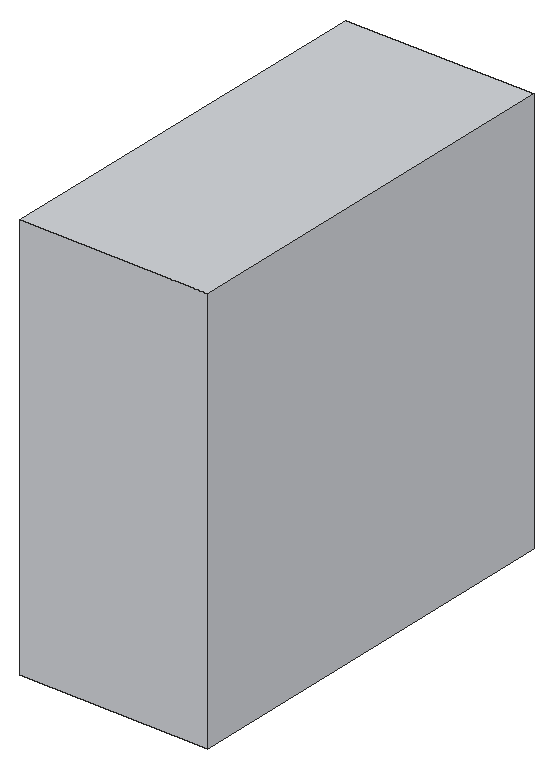
Revit family "Fire Damper Type A - Rectangular", category Duct Accessories, Revit 2017
Family settings
  Round Connector Dimension = Use Diameter
  Part Type = Damper
  OmniClass Number = 23.60.70.11.11
  OmniClass Title = Fire Dampers
  Work Plane-Based = No
  Always vertical = Yes
  Cut with Voids When Loaded = No
  Shared = No
Parameters (values of type "Design to Fab")
  Width 1 [instance] = if(and(Duct Width < 4' 0", Duct Height < 4' 0"), 0' 0 1/2", if(or(Duct Width > 8' 0", Duct Height > 8' 0"), 0' 1 1/2", 0' 1"))  # 0' - 0 1/2"
  Symbol Width [instance] = Damper Width * 2  # 2' - 2"
  Symbol Radius [instance] = Damper Length * 0.2  # 0' - 1.2"
  Pressure Drop [instance] = 4.00 in-wg
  Half Symbol Width [instance] = Symbol Width / 2  # 1' - 1"
  Half Duct Width [instance] = 1 / 2 * Duct Width  # 0' - 6"
  Half Damper Width [instance] = Damper Width / 2  # 0' - 6 1/2"
  Half Damper Length = Damper Length / 2  # 0' - 3"
  Half Damper Height [instance] = Damper Height / 2  # 0' - 6 1/2"
  Fire Damper Material = none
  Duct Width [instance] = 12"
  Duct Height [instance] = 12"
  Damper Width [instance] = Duct Width + Width 1 * 2  # 1' - 1"
  Damper Length = 0' - 6"
  Damper Height [instance] = Duct Height + Width 1 * 2  # 13"
Reference planes (in)
  plane 1 "Center (Front/Back)": y = 0
  plane 2: z = 0
  plane 3 "Center (Left/Right)": x = 0
  plane 4: x = -3
  plane 5: x = 3
  plane 6: z = 6.5
  plane 7: z = -6.5
  plane 8: y = 6.5
  plane 9: y = -6.5
  plane 10: y = 13
  plane 11: y = -13
  plane 12: y = 6
  plane 13: y = -6
Forms (in)
  Extrusion 1, solid, material <- "Fire Damper Material"
    sketch origin (0, 0, 0) x (0, 1, 0) y (0, 0, 1)
      loop
        line (6.5, 6.5) -> (-6.5, 6.5) -> (-6.5, -6.5) -> (6.5, -6.5) -> (6.5, 6.5)
    from -3 to 3
Lines and regions (in)
  symbolic lines, detail levels coarse+medium
    curve 1: line (-3, 13, 0) -> (0, 13, 0)
    curve 2: line (0, 13, 0) -> (0, -13, 0)
    curve 3: line (-3, 6, 0) -> (-3, -6, 0)
    curve 4: line (3, 6, 0) -> (3, -6, 0)
    curve 5: circle (0, 0, 0) r 1.2 normal (0, 0, 1)
  symbolic lines, detail levels fine
    curve 6: line (-3, 6.5, 0) -> (3, 6.5, 0)
    curve 7: line (-3, -6.5, 0) -> (-3, 6.5, 0)
    curve 8: line (3, -6.5, 0) -> (-3, -6.5, 0)
    curve 9: line (3, 6.5, 0) -> (3, -6.5, 0)
Dimensions and locks (in)
  "Half Damper Length": plane 4 to plane 3 "Center (Left/Right)"
  "Half Damper Length": plane 3 "Center (Left/Right)" to plane 5
  "Half Damper Height": plane 6 to plane 2
  "Half Damper Height": plane 2 to plane 7
  "Half Damper Width": plane 8 to plane 1 "Center (Front/Back)"
  "Half Damper Width": plane 1 "Center (Front/Back)" to plane 9
  "Half Symbol Width": plane 10 to plane 1 "Center (Front/Back)"
  "Half Symbol Width": plane 11 to plane 1 "Center (Front/Back)"
  "Half Duct Width": plane 1 "Center (Front/Back)" to plane 12
  "Half Duct Width": plane 13 to plane 1 "Center (Front/Back)"
  "Symbol Radius": radius of curve 5
  aligned and locked: Extrusion 1 to plane 4
  aligned and locked: plane 5 to Extrusion 1
  aligned and locked: plane 6 to Extrusion 1
  aligned and locked: Extrusion 1 to plane 7
  aligned and locked: Extrusion 1 to plane 8
  aligned and locked: plane 9 to Extrusion 1
  aligned and locked: plane 4 to curve 1
  aligned and locked: curve 1 to plane 10
  aligned and locked: plane 10 to curve 2
  aligned and locked: plane 11 to curve 2
  aligned and locked: curve 2 to plane 3 "Center (Left/Right)"
  aligned and locked: plane 12 to curve 3
  aligned and locked: plane 13 to curve 3
  aligned and locked: curve 3 to plane 4
  aligned and locked: plane 12 to curve 4
  aligned and locked: plane 13 to curve 4
  aligned and locked: curve 4 to plane 5
  aligned and locked: plane 3 "Center (Left/Right)" to curve 5
  aligned and locked: plane 1 "Center (Front/Back)" to curve 5
  aligned and locked: plane 8 to curve 6
  aligned and locked: curve 8 to plane 9
  aligned and locked: curve 9 to plane 5
  aligned and locked: plane 4 to curve 7
Automatic sketch dimensions
  plane 1 "Center (Front/Back)" to Extrusion 1 sketch curve = 0' - 6 1/2"
  Extrusion 1 sketch curve to plane 1 "Center (Front/Back)" = 0' - 6 1/2"
  Extrusion 1 sketch curve to level = 0' - 6 1/2"
  level to Extrusion 1 sketch curve = 0' - 6 1/2"
Connectors (in)
  hvac at (-3, 0, 0), driven by "Duct Height", driven by "Duct Width", driven by "Pressure Drop"
    settings: on Extrusion 1, index 1, duct flow 0 CFM, flow factor 0, pres drop 4.00 in-wg, loss coef 0, conn angle 0.00°, conn width 12", conn height 12", conn diameter 24", duct sys type 29, conn prof type 1, flow config 0, flow direction 0, loss method 4, conn ref index 2, conn util no, is conn primary yes, conn desc ""
  hvac at (3, 0, 0), driven by "Duct Height", driven by "Duct Width"
    settings: on Extrusion 1, index 2, duct flow 0 CFM, flow factor 0, pres drop 0.00 in-wg, loss coef 0, conn angle 0.00°, conn width 12", conn height 12", conn diameter 24", duct sys type 29, conn prof type 1, flow config 0, flow direction 0, loss method 4, conn ref index 1, conn util no, is conn primary no, conn desc ""
